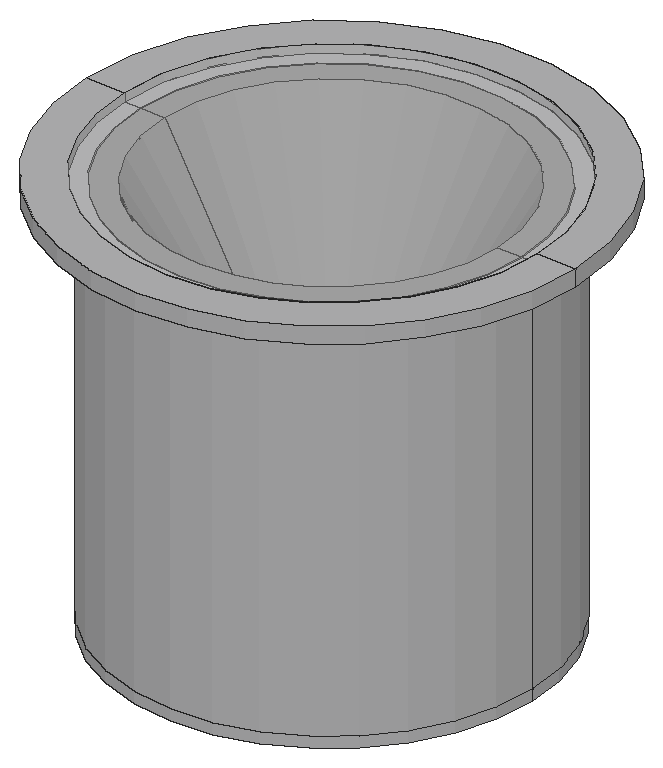
Revit family "2049522 Lighting Fixture_Sylvania_Myriad V LED_Ceiling Recessed", category Lighting Fixtures, host Face, Revit 2015
Parameters (values of type "MYRIAD SS HOUS 4000K DALI EM")
  Weight = 1.40 kg  # constant formula
  Wattage = 6.09709 W
  built-in parameter 1150110 = 1 (stored number, unit not read)
  Voltage Comments = "UNV (Universal Voltage; 220-240 Volt)"  # constant formula
  Voltage = 240 V  # constant formula
  URL = ""
  built-in parameter 1114217 = 1 (stored number, unit not read)
  Tilt Angle = -90.00°  # constant formula
  built-in parameter 1150109 = 1 (stored number, unit not read)
  built-in parameter 1150134 = 12
  built-in parameter 1150113 = 1 (stored number, unit not read)
  Reflector Material = Steel_Sylvania_Myrad V LED_Chrome
  Recessed Depth = Height  # 72.0 mm
  Photometric Web File = "2049522_MYRIADVLED16W4KDALI+Emergency-91762.ies"
  Product Page URL = ""
  Product Family = "MYRIAD V LED - HOUSING ONLY"  # constant formula
  Photometry Comments = ""
  built-in parameter 1150105 = 499.17 (stored number, unit not read)
  Lumens = 314 lm
  built-in parameter 1150115 = 1 (stored number, unit not read)
  built-in parameter 1150137 = (empty or 0)
  built-in parameter 1150139 = (empty or 0)
  Life = "50 000"  # constant formula
  built-in parameter 1150112 = 1 (stored number, unit not read)
  built-in parameter 1150114 = 1 (stored number, unit not read)
  Lamp Comments = "18W Citizen Citiled neutral 4000K"
  LOR = "100%"  # constant formula
  Inner Radius = Cutout Radius - 2.0 mm  # 35.5 mm
  built-in parameter 1150132 = 2
  built-in parameter 1150102 = (empty or 0)
  built-in parameter 1150107 = 4000 (stored number, unit not read)
  built-in parameter 1150138 = (empty or 0)
  built-in parameter 1150106 = 4.9917 (stored number, unit not read)
  Emit from Circle Diameter = Diffuser Diameter  # 77.0 mm
  Emit Shape Visible in Rendering = no
  built-in parameter 1150104 = 4.7845 (stored number, unit not read)
  Dimming Lamp Color Temperature Shift = <None>
  Diffuser Diameter = Cutout Diameter + 2.0 mm  # 77.0 mm
  Cutout Radius = Cutout Diameter / 2  # 37.5 mm
  Cutout Diameter = 75.0 mm
  Color Filter = 16777215
  Body Material = Aluminum_Sylvania_Myrad V LED_Silver
  Beam Angle = 30.00°  # constant formula
  built-in parameter 1114218 = 1 (stored number, unit not read)
  built-in parameter 1150133 = 10 (stored number, unit not read)
  IP Rating = "IP20/44(with accessories)"  # constant formula
  Height = 72.0 mm
  Electrical Protection = "CLASS II"  # constant formula
  built-in parameter 1114216 [instance] = 1 (stored number, unit not read)
  Model = "2049522 MYRIAD SS HOUS 4000K DALI EM"
  Manufacturer = "Feilo-Sylvania Group"
  Lamp = "Integrated LED"
  Diffuser Material = Polycarbonate_Sylvania_Myrad V LED_Clear
  Description = "New high output high efficiency LED downlight modules. IR/UV free light source without heat radiation. Energy efficient light source with far superior luminous flux per watt than existing Low Voltage Halogen. Long life up to 50K hours, fit and forget maintenance free lighting solution. Dimmable options including DALI as standard. IP44 & IP65 versions as standard options. New range of Architectural accessories each providing a different lit dimension. Choice of colour temperatures warm 3000K and neutral 4000K. Luminaires supplied complete with LED drivers. Emergency versions passes through cut out. New completely flush plaster up accessory ring for clean ceiling lines and smooth finish. Total circuit power I5W"  # constant formula
  Default Elevation = 0.0 mm
  built-in parameter 1140040 [instance] = 1
  Assembly Code = "D5020200"
  Apparent Load Comments = ""
  Apparent Load = 18 VA
Reference planes
  plane 1 "Center (Front/Back)": y = 0
  plane 2: z = 0
  plane 3 "Center (Left/Right)": x = 0
  plane 4 "Fixture Bottom": z = 3
  plane 5 "Diffuser": z = 1.454
  plane 6 "Fixture Top": z = -72
  plane 7 "Housing Thickness": z = -70
  plane 8 "Reflector Top": z = -33.546
Forms (mm)
  Extrusion 1, void
    sketch origin (0, 0, 58) x (-1, 0, 0) y (0, -1, 0)
      loop
        circle (0, 0) r 37.5
    from -130 to -55
  Revolve 2, solid, material "Aluminum_Sylvania_Myrad V LED_Silver" <- "Body Material", detail levels fine
    sketch origin (0, 0, 0) x (1, 0, 0) y (0, 0, 1)
      loop
        line (-45.521, 3) -> (-45.521, 0) -> (-37.5, 0) -> (-37.5, -70) -> (-35.537, -70) -> (-35.537, 1.454) -> (-38.5, 1.454) -> (-38.5, 3) -> (-45.521, 3)
      axis (0, 3) -> (0, -70)
    angle from 0 to 360
  Extrusion 3, solid, material "Aluminum_Sylvania_Myrad V LED_Silver" <- "Body Material", detail levels fine
    sketch origin (0, 0, 58) x (-1, 0, 0) y (0, -1, 0)
      loop
        circle (0, 0) r 37.5
    from -130 to -128
  Revolve 4, solid, material "Steel_Sylvania_Myrad V LED_Chrome" <- "Reflector Material", detail levels fine
    sketch origin (0, 0, 0) x (1, 0, 0) y (0, 0, 1)
      loop
        line (-35.5, -33.546) -> (0, -33.546) -> (0, -31.083) -> (-12.169, -31.083) -> (-31, 1.454) -> (-35.5, 1.454) -> (-35.5, -33.546)
      axis (0, 1.454) -> (0, -33.546)
    angle from 0 to 360
  Extrusion 5, solid, material "Polycarbonate_Sylvania_Myrad V LED_Clear" <- "Diffuser Material", detail levels fine
    sketch origin (0, 0, 58) x (-1, 0, 0) y (0, -1, 0)
      loop
        circle (0, 0) r 38.5
    from -56.546 to -55
  Revolve 6, solid, material "Aluminum_Sylvania_Myrad V LED_Silver" <- "Body Material", detail levels coarse+medium
    sketch origin (0, 0, 0) x (1, 0, 0) y (0, 0, 1)
      loop
        line (-45.521, 3) -> (-45.521, 0) -> (-37.5, 0) -> (-37.5, -72) -> (0, -72) -> (0, 3) -> (-45.521, 3)
      axis (0, 3) -> (0, -72)
    angle from 0 to 360
Cuts and joins
  joined: Revolve 2, Extrusion 3
Dimensions and locks
  locked: plane 4 "Fixture Bottom" to plane 2 at 3
  locked: plane 5 "Diffuser" to plane 2 at 1.454
  "Height": plane 2 to plane 6 "Fixture Top"
  plane 7 "Housing Thickness" to plane 6 "Fixture Top" = 2.0 mm
  "Cutout Radius": plane 3 "Center (Left/Right)" to Revolve 2 sketch curve
  locked: Revolve 2 sketch curve to Revolve 2 sketch curve at 1.963
  locked: Revolve 2 sketch curve to Revolve 2 sketch curve at 8.021
  locked: Revolve 4 sketch curve to Revolve 4 sketch curve at 2.463
  locked: Revolve 2 sketch curve to Revolve 2 sketch curve at 1
  "Inner Radius": plane 3 "Center (Left/Right)" to Revolve 4 sketch curve
  locked: Revolve 4 sketch curve to Revolve 4 sketch curve at 4.5
  locked: Revolve 4 sketch curve to Revolve 4 sketch curve at 23.331
  locked: plane 5 "Diffuser" to plane 8 "Reflector Top" at 35
  locked: Revolve 6 sketch curve to Revolve 6 sketch curve at 8.021
  "Cutout Radius": Revolve 6 sketch curve to imposter light
  "Cutout Diameter": diameter of Extrusion 1 sketch curve
  "Cutout Diameter": diameter of Extrusion 3 sketch curve
  "Diffuser Diameter": diameter of Extrusion 5 sketch curve
  aligned and locked: host face to plane 2
  aligned and locked: level to host face
  aligned and locked: Revolve 2 sketch curve to plane 4 "Fixture Bottom"
  aligned and locked: Revolve 2 sketch curve to plane 5 "Diffuser"
  aligned and locked: Revolve 2 sketch curve to plane 2
  aligned and locked: Revolve 2 sketch curve to plane 3 "Center (Left/Right)"
  aligned and locked: plane 7 "Housing Thickness" to Extrusion 3
  aligned and locked: Extrusion 3 to plane 6 "Fixture Top"
  aligned and locked: Revolve 2 sketch curve to plane 7 "Housing Thickness"
  aligned and locked: Revolve 4 sketch curve to plane 5 "Diffuser"
  aligned and locked: Revolve 4 sketch curve to plane 3 "Center (Left/Right)"  (x2)
  aligned and locked: Extrusion 5 to plane 5 "Diffuser"
  aligned and locked: plane 4 "Fixture Bottom" to Extrusion 5
  aligned and locked: Revolve 4 sketch curve to plane 8 "Reflector Top"
  aligned and locked: imposter light to plane 3 "Center (Left/Right)"
  aligned and locked: imposter light to plane 4 "Fixture Bottom"
  aligned and locked: imposter light to plane 1 "Center (Front/Back)"
  aligned and locked: Revolve 6 sketch curve to plane 6 "Fixture Top"
  aligned and locked: Revolve 6 sketch curve to imposter light  (x2)
  aligned and locked: Revolve 6 sketch curve to plane 2
  aligned and locked: imposter light to Extrusion 1
  aligned and locked: Extrusion 1 to plane 6 "Fixture Top"
Automatic sketch dimensions
  host sketch curve to host sketch curve = 345.0 mm
  host sketch curve to host sketch curve = 280.0 mm
  plane 1 "Center (Front/Back)" to Extrusion 1 sketch curve = 0.0 mm
  Extrusion 1 sketch curve to plane 3 "Center (Left/Right)" = 0.0 mm
  plane 8 "Reflector Top" to Revolve 2 sketch curve = 16.453 mm
  plane 4 "Fixture Bottom" to Revolve 2 sketch curve = 14.907 mm
  plane 1 "Center (Front/Back)" to Extrusion 3 sketch curve = 0.0 mm
  Extrusion 3 sketch curve to plane 3 "Center (Left/Right)" = 0.0 mm
  plane 4 "Fixture Bottom" to Revolve 4 sketch curve = 9.307 mm
  Revolve 4 sketch curve to Revolve 4 sketch curve = 25.0 mm
  plane 1 "Center (Front/Back)" to Extrusion 5 sketch curve = 0.0 mm
  Extrusion 5 sketch curve to plane 3 "Center (Left/Right)" = 0.0 mm
  Revolve 6 sketch curve to plane 3 "Center (Left/Right)" = 0.0 mm
  plane 8 "Reflector Top" to Revolve 6 sketch curve = 16.453 mm
  Revolve 6 sketch curve to Revolve 6 sketch curve = 14.907 mm
Connectors
  electrical at (0, 0, -72), driven by "Voltage", driven by "Apparent Load"
    settings: on cut or joined group of Revolve 2, Extrusion 3, index 1, voltage 240 V, apparent load 0 VA, apparent load phase1 18 VA, apparent load phase2 0 VA, apparent load phase3 0 VA, power factor 1, load classification "Lighting", number of poles 1, system type 31, power factor state 1, is connector primary yes, connector utility no, sub classification motor no, connector description ""
